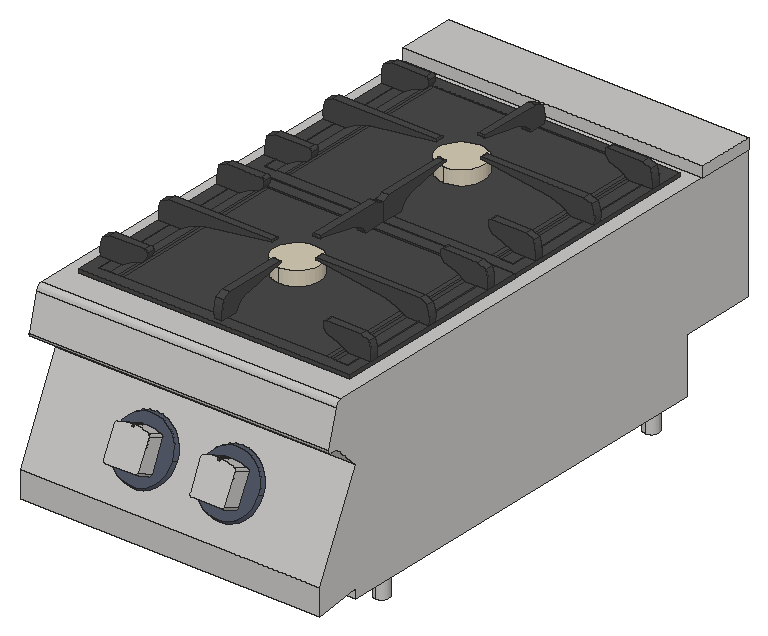
Revit family "QF_ZANUSSI_372000_Z7GCGD2C00", category Specialty Equipment, Revit 2018
Family settings
  Round Connector Dimension = Use Diameter
  Part Type = Normal
  Work Plane-Based = No
  Always vertical = Yes
  Cut with Voids When Loaded = No
  Shared = No
  Room Calculation Point = No
Parameters
  Width = 400 mm  # constant formula
  Weight in Pounds = 44  # constant formula
  Weight = 0.00 kg
  Watts = 0 W
  Volts = 0 V
  URL Manufacturer = "http://www.zanussiprofessional.com"
  URL Cutsheet = "www.electrolux.com"
  URL = "http://www.zanussiprofessional.com"
  Type Mark [instance] = ""
  Steam Supply Size = 0"
  Steam Supply Minimum Pressure = 0.00 psi
  Steam Supply Maximum Pressure = 0.00 psi
  Steam Pounds per Hour = 0
  Status [instance] = ""
  Specification by User [instance] = ""
  Specification by Manufacturer = ""
  Show Logo [instance] = yes
  Show Clearance [instance] = yes
  Serial Number = ""
  Seismic Rating = ""
  SMACNA No = ""
  Revision Code [instance] = ""
  Refrigeration Suction Line Size = 0"
  Refrigeration Liquid Line Size = 0"
  Refrigerant Compressor Remote = yes
  Phase = 0
  Omniclass Number and Title = ""
  NAFEM Spec ID Number = ""
  Model = "Z7GCGD2C00"
  Mechanical Remarks [instance] = ""
  Mechanical Connection Type [instance] = ""
  Masterspec = ""
  Manufacturer = "Zanussi"
  Length Actual = 400 mm  # constant formula
  Item Number [instance] = "372000"
  Installed By [instance] = ""
  Identify Quantity as Lot [instance] = yes
  Hot Water Size = 0"
  Height Actual = 250 mm  # constant formula
  Height = 288.925 mm  # constant formula
  HP = "0 HP"
  Gas Size = 1/2"  # constant formula
  Gas RI Height [instance] = 0 mm
  Gas KW [instance] = 11  # constant formula
  Gas Input [instance] = 37499.0 Btu/h  # constant formula
  Gas Connection Height = 0 mm
  Furnished By [instance] = ""
  Foodservice Equipment Identifier [instance] = yes
  Direct Waste Size = 0"
  Description = "2-BURNER GAS BOILING TOP 400 MM"
  Depth Actual = 700 mm  # constant formula
  Depth = 715 mm  # constant formula
  Cycle = 0 Hz
  Condensate Return Size = 0"
  Compressed Air Volume = 0 GPM
  Compressed Air Size = 0"
  Compressed Air Pressure = 0.00 psi
  Cold Water Size = 0"
  CSI MasterFormat = ""
  CSI Master Format = ""
  Base Height = 24 mm  # constant formula
  Assembly Code = ""
  Accessory = yes
Reference planes
  plane 1 "BACK": y = 0
  plane 2: z = 0
  plane 3 "LEFT": x = 0
  plane 4 "RIGHT": x = 400
  plane 5 "FRONT": y = -715
  plane 6 "TOP": z = 274
  plane 7 "Center Y": x = 200
  plane 8 "Center X": y = -357.5
  plane 9: z = 24
  plane 10: z = 288.925
  plane 11: z = 308
  plane 12 "PANEL": through (-6096, -654.982, 186.002) normal (0, -0.8956, 0.4448)
Forms (mm)
  Extrusion 1, solid, material "QF_Finishes_Stainless Steel"
    sketch origin (0, 0.188, -0.612) x (0, 1, 0) y (0, 0, 1)
      loop
        line (-0.188, 98.613) -> (-0.188, 274.613) -> (-679.546, 274.613)
        arc (-679.546, 274.613) -> (-684.831, 272.423) -> (-687.02, 267.138) r 7.474
        line (-687.02, 267.138) -> (-700.071, 221.623)
        arc (-700.071, 221.623) -> (-699.583, 218.991) -> (-697.188, 217.796) r 3
        line (-697.188, 217.796) -> (-686.989, 217.796) -> (-655.169, 185.977) -> (-715.188, 65.121) -> (-715.188, 30.121) -> (-658.833, 38.041)
        arc (-658.833, 38.041) -> (-656.288, 37.287) -> (-655.188, 34.872) r 3.2
        line (-655.188, 34.872) -> (-655.188, 24.613) -> (-103.188, 24.613) -> (-103.188, 98.613) -> (-0.188, 98.613)
    from 0 to 400
  Extrusion 2, solid, material "QF_Finishes_Stainless Steel"
    sketch origin (0, -16, 0) x (1, 0, 0) y (0, 1, 0)
      loop
        circle (11.112, -132) r 9.525
      loop
        circle (388.888, -132) r 9.525
      loop
        circle (11.112, -582) r 9.525
      loop
        circle (388.888, -582) r 9.525
    from 0 to 24
  Extrusion 3, solid, material "QF_Finishes_Stainless Steel"
    sketch origin (0, 0, 0) x (0, 1, 0) y (0, 0, 1)
      loop
        line (0, 274) -> (0, 288.925) -> (-76.2, 288.925) -> (-76.2, 274) -> (0, 274)
    from 0 to 400
  Extrusion 4, solid, material "QF_Finishes_Clearance", visible <- "Show Clearance", detail levels coarse
    sketch origin (0, 0, 0) x (1, 0, 0) y (0, 1, 0)
      loop
        line (-150, -715) -> (0, -715) -> (0, 0) -> (400, 0) -> (400, -715) -> (550, -715) -> (550, 150) -> (-150, 150) -> (-150, -715)
    from 0 to 308.638
  Blend 5, solid, material "QF_Finishes_Navy Blue"
    base sketch origin (142.525, -684.991, 125.574) x (1, 0, 0) y (0, 0.444781, 0.895639)
      loop
        circle (-0.025, 0) r 42.5
    top sketch origin (142.525, -684.991, 125.574) x (1, 0, 0) y (0, 0.444781, 0.895639)
      loop
        circle (-0.025, 0) r 40.5
    from 0 to 5
  Extrusion 6, solid, material "QF_Finishes_Stainless Steel"
    sketch origin (142.525, -684.991, 125.574) x (1, 0, 0) y (0, 0.444781, 0.895639)
      loop
        arc (-21.172, 22.789) -> (-22.519, 21.685) -> (-23.025, 20.019) r 2.997
        line (-23.025, 20.019) -> (-23.025, -20.019)
        arc (-23.025, -20.019) -> (-22.147, -22.138) -> (-20.028, -23.016) r 2.997
        line (-20.028, -23.016) -> (19.978, -23.016)
        arc (19.978, -23.016) -> (22.097, -22.138) -> (22.975, -20.019) r 2.997
        line (22.975, -20.019) -> (22.975, 20.019)
        arc (22.975, 20.019) -> (22.469, 21.685) -> (21.122, 22.789) r 2.997
        arc (21.122, 22.789) -> (-0.025, 26.984) -> (-21.172, 22.789) r 55.4
    from 10 to 34
  Extrusion 7, solid, material "QF_Plastic-Black-Matte"
    sketch origin (200.025, -684.991, 125.574) x (0, 0.444781, 0.895639) y (0, -0.895639, 0.444781)
      loop
        line (26.984, 34) -> (26.984, 19) -> (27.984, 19) -> (27.984, 34)
        arc (27.984, 34) -> (27.691, 34.707) -> (26.984, 35) r 1
        line (26.984, 35) -> (23.984, 35) -> (23.984, 34) -> (26.984, 34)
    from -58.5 to -56.5
  Extrusion 8, solid, material "QF_Finishes_Stainless Steel"
    sketch origin (142.525, -684.991, 125.574) x (1, 0, 0) y (0, 0.444781, 0.895639)
      loop
        line (17.475, 17.5) -> (-17.525, 17.5) -> (-17.525, -17.5) -> (17.475, -17.5) -> (17.475, 17.5)
    from 5 to 10
  Extrusion 9, solid, material "QF_Plastic-Black-Matte"
    sketch origin (200.025, -684.991, 125.574) x (0, 0.444781, 0.895639) y (0, 0.895639, -0.444781)
      loop
        line (26.984, -34) -> (23.984, -34) -> (23.984, -35) -> (26.984, -35)
        arc (26.984, -35) -> (27.691, -34.707) -> (27.984, -34) r 1
        line (27.984, -34) -> (27.984, -19) -> (26.984, -19) -> (26.984, -34)
    from -58.5 to -56.5
  Extrusion 10, solid, material "QF_Finishes_Stainless Steel"
    sketch origin (257.525, -684.991, 125.574) x (-1, 0, 0) y (0, -0.444781, -0.895639)
      loop
        line (17.525, -17.5) -> (17.525, 17.5) -> (-17.475, 17.5) -> (-17.475, -17.5) -> (17.525, -17.5)
    from 5 to 10
  Blend 11, solid, material "QF_Finishes_Navy Blue"
    base sketch origin (257.525, -684.991, 125.574) x (1, 0, 0) y (0, 0.444781, 0.895639)
      loop
        circle (-0.025, 0) r 42.5
    top sketch origin (257.525, -684.991, 125.574) x (1, 0, 0) y (0, 0.444781, 0.895639)
      loop
        circle (-0.025, 0) r 40.5
    from 0 to 5
  Extrusion 12, solid, material "QF_Finishes_Stainless Steel"
    sketch origin (257.525, -684.991, 125.574) x (-1, 0, 0) y (0, -0.444781, -0.895639)
      loop
        arc (-21.122, -22.789) -> (0.025, -26.984) -> (21.172, -22.789) r 55.4
        arc (21.172, -22.789) -> (22.519, -21.685) -> (23.025, -20.019) r 2.997
        line (23.025, -20.019) -> (23.025, 20.019)
        arc (23.025, 20.019) -> (22.147, 22.138) -> (20.028, 23.016) r 2.997
        line (20.028, 23.016) -> (-19.978, 23.016)
        arc (-19.978, 23.016) -> (-22.097, 22.138) -> (-22.975, 20.019) r 2.997
        line (-22.975, 20.019) -> (-22.975, -20.019)
        arc (-22.975, -20.019) -> (-22.469, -21.685) -> (-21.122, -22.789) r 2.997
    from 10 to 34
  Extrusion 13, solid, material "QF_Finishes_Stainless Steel"
    sketch origin (0, 0, 0) x (1, 0, 0) y (0, 0, 1)
      loop
        circle (347, 57) r 6.35
    from 80.2 to 103.188
Lines and regions (mm)
  Split face 1
    outline origin (142.525, -689.469, 127.797) x (1, 0, 0) y (0, 0.444781, 0.895639)
      loop
        circle (-33, 0) r 3
  Split face 2
    outline origin (263.426, -689.469, 127.797) x (1, 0, 0) y (0, 0.444781, 0.895639)
      loop
        line (-8.901, 38.561) -> (-8.901, 28.561) -> (-2.901, 28.561) -> (-2.901, 38.561) -> (-8.901, 38.561)
  Split face 3
    outline origin (263.426, -689.469, 127.797) x (1, 0, 0) y (0, 0.444781, 0.895639)
      loop
        line (-8.401, 38.061) -> (-8.401, 29.061) -> (-3.401, 29.061) -> (-3.401, 38.061) -> (-8.401, 38.061)
  Split face 4
    outline origin (263.426, -689.469, 127.797) x (1, 0, 0) y (0, 0.444781, 0.895639)
      loop
        line (-8.401, 33.561) -> (-3.401, 33.561)
  Split face 5
    outline origin (263.426, -689.469, 127.797) x (1, 0, 0) y (0, 0.444781, 0.895639)
      loop
        line (-8.401, 33.061) -> (-3.401, 33.061)
  Split face 6
    outline origin (148.426, -689.469, 127.797) x (1, 0, 0) y (0, 0.444781, 0.895639)
      loop
        line (-8.901, 38.561) -> (-8.901, 28.561) -> (-2.901, 28.561) -> (-2.901, 38.561) -> (-8.901, 38.561)
  Split face 7
    outline origin (148.426, -689.469, 127.797) x (1, 0, 0) y (0, 0.444781, 0.895639)
      loop
        line (-8.401, 38.061) -> (-8.401, 29.061) -> (-3.401, 29.061) -> (-3.401, 38.061) -> (-8.401, 38.061)
  Split face 8
    outline origin (148.426, -689.469, 127.797) x (1, 0, 0) y (0, 0.444781, 0.895639)
      loop
        line (-8.401, 34.061) -> (-3.401, 34.061)
  Split face 9
    outline origin (148.426, -689.469, 127.797) x (1, 0, 0) y (0, 0.444781, 0.895639)
      loop
        line (-8.401, 33.561) -> (-3.401, 33.561)
  Split face 10
    outline origin (168.182, -675.159, 156.613) x (-1, 0, 0) y (0, -0.444781, -0.895639)
      loop
        circle (43.456, 61.543) r 1.5
  Split face 11
    outline origin (148.426, -689.469, 127.797) x (1, 0, 0) y (0, 0.444781, 0.895639)
      loop
        circle (-5.901, 31.311) r 2.029
  Split face 12
    outline origin (263.426, -689.469, 127.797) x (1, 0, 0) y (0, 0.444781, 0.895639)
      loop
        circle (-5.901, 35.811) r 2.031
  Split face 13
    outline origin (142.525, -689.469, 127.797) x (1, 0, 0) y (0, 0.444781, 0.895639)
      loop
        circle (-24.487, 26.694) r 3.497
  Split face 14
    outline origin (257.525, -689.469, 127.797) x (1, 0, 0) y (0, 0.444781, 0.895639)
      loop
        circle (-24.487, 26.694) r 3.497
  Split face 15
    outline origin (257.525, -689.469, 127.797) x (1, 0, 0) y (0, 0.444781, 0.895639)
      loop
        circle (-33, 0) r 3
  Split face 16
    outline origin (257.525, -689.469, 127.797) x (1, 0, 0) y (0, 0.444781, 0.895639)
      loop
        circle (-17.8, -29.371) r 1.5
  symbolic lines
    curve 1: line (0, 0, 0) -> (0, -715, 0)
    curve 2: line (400, 0, 0) -> (0, 0, 0)
    curve 3: line (400, -715, 0) -> (400, 0, 0)
    curve 4: line (0, -76.2, 0) -> (400, -76.2, 0)
    curve 5: line (0, -700, 0) -> (400, -700, 0)
    curve 9: line (119.5, -700, 0) -> (119.5, -724.347, 0)
    curve 10: arc (119.5, -724.347, 0) -> (119.646, -724.811, 0) -> (120.032, -725.107, 0) r 0.809
    curve 11: arc (120.032, -725.107, 0) -> (121.22, -725.587, 0) -> (122.497, -725.68, 0) r 4.127
    curve 12: arc (119.5, -704.292, 0) -> (114.459, -702.458, 0) -> (109.691, -700, 0) r 42.24
    curve 13: arc (119.5, -706.539, 0) -> (120.002, -705.818, 0) -> (120.799, -705.448, 0) r 1.682
    curve 14: arc (120.799, -705.448, 0) -> (131.102, -703.95, 0) -> (141.5, -703.441, 0) r 109.079
    curve 15: line (141.5, -700, 0) -> (141.5, -705.671, 0)
    curve 16: line (141.5, -705.671, 0) -> (143.5, -705.671, 0)
    curve 17: line (143.5, -705.671, 0) -> (143.5, -700, 0)
    curve 18: line (165.5, -700, 0) -> (165.5, -724.347, 0)
    curve 19: arc (165.5, -724.347, 0) -> (165.354, -724.811, 0) -> (164.968, -725.107, 0) r 0.809
    curve 20: arc (164.968, -725.107, 0) -> (163.78, -725.587, 0) -> (162.503, -725.68, 0) r 4.127
    curve 21: arc (165.5, -704.292, 0) -> (170.541, -702.458, 0) -> (175.309, -700, 0) r 42.24
    curve 22: arc (165.5, -706.539, 0) -> (164.998, -705.818, 0) -> (164.201, -705.448, 0) r 1.682
    curve 23: arc (164.201, -705.448, 0) -> (153.898, -703.95, 0) -> (143.5, -703.441, 0) r 109.079
    curve 24: line (122.497, -725.68, 0) -> (162.503, -725.68, 0)
    curve 25: line (280.5, -700, 0) -> (280.5, -724.347, 0)
    curve 26: arc (280.5, -724.347, 0) -> (280.354, -724.811, 0) -> (279.968, -725.107, 0) r 0.809
    curve 27: arc (279.968, -725.107, 0) -> (278.78, -725.587, 0) -> (277.503, -725.68, 0) r 4.127
    curve 28: arc (280.5, -704.292, 0) -> (285.541, -702.458, 0) -> (290.309, -700, 0) r 42.24
    curve 29: arc (280.5, -706.539, 0) -> (279.998, -705.818, 0) -> (279.201, -705.448, 0) r 1.682
    curve 30: arc (279.201, -705.448, 0) -> (268.898, -703.95, 0) -> (258.5, -703.441, 0) r 109.079
    curve 31: line (258.5, -700, 0) -> (258.5, -705.671, 0)
    curve 32: line (258.5, -705.671, 0) -> (256.5, -705.671, 0)
    curve 33: line (256.5, -705.671, 0) -> (256.5, -700, 0)
    curve 34: line (234.5, -700, 0) -> (234.5, -724.347, 0)
    curve 35: arc (234.5, -724.347, 0) -> (234.646, -724.811, 0) -> (235.032, -725.107, 0) r 0.809
    curve 36: arc (235.032, -725.107, 0) -> (236.22, -725.587, 0) -> (237.497, -725.68, 0) r 4.127
    curve 37: arc (234.5, -704.292, 0) -> (229.459, -702.458, 0) -> (224.691, -700, 0) r 42.24
    curve 38: arc (234.5, -706.539, 0) -> (235.002, -705.818, 0) -> (235.799, -705.448, 0) r 1.682
    curve 39: arc (235.799, -705.448, 0) -> (246.102, -703.95, 0) -> (256.5, -703.441, 0) r 109.079
    curve 40: line (277.503, -725.68, 0) -> (237.497, -725.68, 0)
    curve 41: line (165.5, -715, 0) -> (234.5, -715, 0)
    curve 42: line (280.5, -715, 0) -> (400, -715, 0)
    curve 43: line (0, -715, 0) -> (119.5, -715, 0)
  symbolic lines, style "QF-Clearances", visible <- "Show Clearance", detail levels coarse
    curve 6: line (-150, -714.879, 0) -> (-150, 150, 0)
    curve 7: line (-150, 150, 0) -> (550, 150, 0)
    curve 8: line (550, 150, 0) -> (550, -714.879, 0)
Dimensions and locks
  equal spacing: plane 3 "LEFT", plane 7 "Center Y", plane 4 "RIGHT"
  "Width": plane 3 "LEFT" to plane 4 "RIGHT"
  equal spacing: plane 5 "FRONT", plane 8 "Center X", plane 1 "BACK"
  "Depth": plane 5 "FRONT" to plane 1 "BACK"
  "Height": plane 10 to level
  plane 6 "TOP" to plane 9 = 250 mm
  "Base Height": plane 9 to level
  plane 11 to plane 6 "TOP" = 34 mm
  plane 1 "BACK" to plane 5 "FRONT" = 715 mm
  plane 6 "TOP" to level = 274 mm
  plane 9 to level = 24 mm
  aligned and locked: level to plane 2
  aligned and locked: plane 4 "RIGHT" to Extrusion 1
  aligned and locked: plane 4 "RIGHT" to Extrusion 3
Automatic sketch dimensions
  Extrusion 3 sketch curve to plane 6 "TOP" = 0 mm
  Extrusion 3 sketch curve to plane 10 = 0 mm
  Extrusion 3 sketch curve to plane 1 "BACK" = 0 mm
  plane 1 "BACK" to Extrusion 3 sketch curve = 76.2 mm
  Extrusion 6 sketch curve to Extrusion 6 sketch curve = 2.997 mm  (x4)
  Extrusion 6 sketch curve to Extrusion 6 sketch curve = 20.003 mm  (x2)
  Extrusion 6 sketch curve to Extrusion 6 sketch curve = 0 mm  (x2)
  Extrusion 7 sketch curve to Extrusion 7 sketch curve = 3 mm
  Extrusion 7 sketch curve to Extrusion 7 sketch curve = 0 mm  (x2)
  Extrusion 7 sketch curve to Extrusion 7 sketch curve = 1 mm
  Extrusion 8 sketch curve to Extrusion 8 sketch curve = 35 mm  (x2)
  Extrusion 9 sketch curve to Extrusion 9 sketch curve = 3 mm
  Extrusion 9 sketch curve to Extrusion 9 sketch curve = 0 mm
  Extrusion 9 sketch curve to Extrusion 9 sketch curve = 1 mm  (x2)
  Extrusion 10 sketch curve to Extrusion 10 sketch curve = 35 mm  (x2)
  Extrusion 12 sketch curve to Extrusion 12 sketch curve = 2.997 mm  (x4)
  Extrusion 12 sketch curve to Extrusion 12 sketch curve = 20.003 mm  (x2)
  Extrusion 12 sketch curve to Extrusion 12 sketch curve = 0 mm  (x2)
  Extrusion 6 sketch curve to Extrusion 6 sketch curve = 5.399 mm
  Extrusion 6 sketch curve to Extrusion 6 sketch curve = 40.037 mm
  Extrusion 7 sketch curve to Extrusion 7 sketch curve = 15 mm
  Extrusion 9 sketch curve to Extrusion 9 sketch curve = 15 mm
  Extrusion 12 sketch curve to Extrusion 12 sketch curve = 5.399 mm
  Extrusion 12 sketch curve to Extrusion 12 sketch curve = 40.037 mm
  Split face 2 sketch curve to Split face 2 sketch curve = 6 mm
  Split face 2 sketch curve to Split face 2 sketch curve = 10 mm
  Split face 3 sketch curve to Split face 3 sketch curve = 5 mm
  Split face 3 sketch curve to Split face 3 sketch curve = 9 mm
  Split face 4 sketch curve to Split face 4 sketch curve = 5 mm
  Split face 5 sketch curve to Split face 5 sketch curve = 5 mm
  Split face 6 sketch curve to Split face 6 sketch curve = 6 mm
  Split face 6 sketch curve to Split face 6 sketch curve = 10 mm
  Split face 7 sketch curve to Split face 7 sketch curve = 5 mm
  Split face 7 sketch curve to Split face 7 sketch curve = 9 mm
  Split face 8 sketch curve to Split face 8 sketch curve = 5 mm
  Split face 9 sketch curve to Split face 9 sketch curve = 5 mm
  Blend 5 sketch curve to plane 7 "Center Y" = 57.5 mm  (x2)
  Extrusion 6 sketch curve to plane 7 "Center Y" = 80.5 mm
  plane 12 "PANEL" to Extrusion 7 sketch curve = 35 mm
  Extrusion 7 sketch curve to plane 5 "FRONT" = 9.329 mm
  Extrusion 8 sketch curve to plane 7 "Center Y" = 75 mm
  plane 12 "PANEL" to Extrusion 9 sketch curve = 35 mm
  Extrusion 9 sketch curve to plane 5 "FRONT" = 9.329 mm
  plane 7 "Center Y" to Extrusion 10 sketch curve = 75 mm
  plane 7 "Center Y" to Blend 11 sketch curve = 57.5 mm  (x2)
  plane 7 "Center Y" to Extrusion 12 sketch curve = 80.5 mm
  Extrusion 2 sketch curve to Extrusion 2 sketch curve = 0 mm  (x8)
  plane 3 "LEFT" to Extrusion 2 sketch curve = 11.112 mm  (x2)
  Extrusion 2 sketch curve to plane 4 "RIGHT" = 11.112 mm  (x2)
  Extrusion 2 sketch curve to plane 5 "FRONT" = 117 mm  (x2)
  plane 1 "BACK" to Extrusion 2 sketch curve = 148 mm  (x2)
  Extrusion 2 sketch curve to Extrusion 2 sketch curve = 9.525 mm  (x4)
  plane 5 "FRONT" to Extrusion 4 sketch curve = 0 mm  (x2)
  Extrusion 4 sketch curve to plane 3 "LEFT" = 0 mm
  plane 1 "BACK" to Extrusion 4 sketch curve = 0 mm
  Extrusion 4 sketch curve to plane 4 "RIGHT" = 0 mm
  Extrusion 4 sketch curve to plane 3 "LEFT" = 150 mm
  plane 4 "RIGHT" to Extrusion 4 sketch curve = 150 mm
  Extrusion 4 sketch curve to plane 1 "BACK" = 150 mm
  Extrusion 13 sketch curve to plane 4 "RIGHT" = 53 mm
  plane 9 to Extrusion 13 sketch curve = 33 mm
  plane 1 "BACK" to curve 2 = 0 mm
  curve 2 to plane 3 "LEFT" = 0 mm
  plane 5 "FRONT" to curve 41 = 0 mm
  plane 5 "FRONT" to curve 42 = 0 mm
  curve 3 to plane 4 "RIGHT" = 0 mm
  plane 5 "FRONT" to curve 1 = 0 mm
  curve 7 to plane 3 "LEFT" = 150 mm
  plane 5 "FRONT" to curve 9 = 9.347 mm
  curve 9 to plane 7 "Center Y" = 80.5 mm
  curve 9 to curve 10 = 0.809 mm
  curve 13 to curve 13 = 1.583 mm
  curve 10 to curve 11 = 1.846 mm
  curve 10 to curve 24 = 2.189 mm
  curve 9 to curve 12 = 11.892 mm
  curve 16 to plane 5 "FRONT" = 9.329 mm
  curve 13 to curve 16 = 20.417 mm
  curve 14 to plane 7 "Center Y" = 58.369 mm
  curve 14 to curve 23 = 1.738 mm
  curve 15 to curve 16 = 2 mm
  curve 12 to curve 21 = 22.215 mm
  curve 16 to curve 24 = 19.003 mm
  curve 24 to curve 20 = 0.343 mm
  curve 20 to curve 22 = 1.071 mm
  curve 24 to curve 19 = 2.189 mm
  curve 19 to curve 18 = 0.809 mm
  plane 5 "FRONT" to curve 34 = 9.347 mm
  plane 7 "Center Y" to curve 34 = 34.5 mm
  curve 35 to curve 35 = 0.809 mm
  curve 38 to curve 38 = 1.583 mm
  curve 35 to curve 36 = 1.846 mm
  curve 35 to curve 40 = 2.189 mm
  curve 34 to curve 37 = 11.892 mm
  curve 32 to plane 5 "FRONT" = 9.329 mm
  curve 38 to curve 32 = 20.417 mm
  plane 7 "Center Y" to curve 39 = 56.631 mm
  curve 39 to curve 30 = 1.738 mm
  curve 32 to curve 32 = 2 mm
  curve 37 to curve 28 = 22.215 mm
  curve 31 to curve 40 = 19.003 mm
  curve 27 to curve 27 = 0.343 mm
  curve 27 to curve 29 = 1.071 mm
  curve 27 to curve 26 = 2.189 mm
  curve 26 to curve 25 = 0.809 mm
  plane 4 "RIGHT" to curve 7 = 150 mm
  curve 24 to curve 10 = 1.333 mm
  plane 5 "FRONT" to curve 40 = 10.68 mm
  curve 39 to curve 36 = 86.839 mm
  curve 14 to curve 24 = 86.839 mm
  curve 39 to curve 30 = 0 mm
  curve 14 to curve 23 = 0 mm
  curve 24 to curve 19 = 1.333 mm
  curve 27 to curve 25 = 1.333 mm
  curve 35 to curve 36 = 2.779 mm
  curve 26 to curve 27 = 2.779 mm
  curve 19 to curve 20 = 2.779 mm
  curve 10 to curve 11 = 2.779 mm
  curve 29 to plane 5 "FRONT" = 7.894 mm
  curve 13 to plane 5 "FRONT" = 7.894 mm
  curve 38 to plane 5 "FRONT" = 7.894 mm
  curve 22 to plane 5 "FRONT" = 7.894 mm
  curve 32 to curve 37 = 41.91 mm
  curve 16 to curve 21 = 41.91 mm
  curve 37 to curve 28 = 0 mm
  curve 12 to curve 21 = 0 mm
  curve 7 to plane 1 "BACK" = 150 mm
  curve 12 to curve 9 = 9.809 mm
  curve 13 to curve 13 = 0.284 mm
  curve 22 to curve 22 = 0.284 mm
  curve 18 to curve 21 = 9.809 mm
  curve 37 to curve 34 = 9.809 mm
  curve 38 to curve 38 = 0.284 mm
  curve 29 to curve 29 = 0.284 mm
  curve 25 to curve 28 = 9.809 mm
  curve 6 to plane 5 "FRONT" = 0.121 mm
  curve 8 to plane 5 "FRONT" = 0.121 mm
  curve 22 to curve 22 = 0.567 mm
  curve 38 to curve 38 = 0.567 mm
  curve 29 to curve 29 = 0.567 mm
  curve 13 to curve 13 = 0.567 mm
  curve 23 to curve 21 = 1.156 mm
  plane 1 "BACK" to curve 4 = 76.2 mm
  plane 9 to Extrusion 1 sketch curve = 5.508 mm
  Extrusion 1 sketch curve to plane 5 "FRONT" = 0 mm
  Extrusion 1 sketch curve to plane 6 "TOP" = 52.989 mm
  Extrusion 1 sketch curve to Extrusion 1 sketch curve = 15.116 mm
  Extrusion 1 sketch curve to Extrusion 1 sketch curve = 2.884 mm
  Extrusion 1 sketch curve to plane 11 = 41.474 mm
  Extrusion 1 sketch curve to Extrusion 1 sketch curve = 13.051 mm
  Extrusion 1 sketch curve to plane 6 "TOP" = 56.816 mm
  Extrusion 1 sketch curve to Extrusion 1 sketch curve = 10.198 mm
  Extrusion 1 sketch curve to plane 11 = 34 mm
  plane 9 to Extrusion 1 sketch curve = 13.428 mm
  Extrusion 1 sketch curve to Extrusion 1 sketch curve = 56.355 mm
  Extrusion 1 sketch curve to Extrusion 1 sketch curve = 0.445 mm
  Extrusion 1 sketch curve to Extrusion 1 sketch curve = 3.2 mm
  Extrusion 1 sketch curve to plane 6 "TOP" = 88.636 mm
  Extrusion 1 sketch curve to Extrusion 1 sketch curve = 31.82 mm
  plane 1 "BACK" to Extrusion 1 sketch curve = 103 mm
  Extrusion 1 sketch curve to plane 1 "BACK" = 0 mm
  plane 9 to Extrusion 1 sketch curve = 0 mm
  Extrusion 1 sketch curve to Extrusion 1 sketch curve = 35 mm
  Extrusion 1 sketch curve to Extrusion 1 sketch curve = 74 mm
  radius of Blend 5 sketch curve = 42.5 mm
  radius of Blend 5 sketch curve = 40.5 mm
  radius of Blend 11 sketch curve = 42.5 mm
  radius of Blend 11 sketch curve = 40.5 mm
  radius of Split face 1 sketch curve = 3 mm
  radius of Split face 10 sketch curve = 1.5 mm
  radius of Split face 11 sketch curve = 2.029 mm
  radius of Split face 12 sketch curve = 2.031 mm
  radius of Split face 13 sketch curve = 3.497 mm
  radius of Split face 14 sketch curve = 3.497 mm
  radius of Split face 15 sketch curve = 3 mm
  radius of Split face 16 sketch curve = 1.5 mm
  radius of Extrusion 13 sketch curve = 6.35 mm
Nested families
  nested 1: "QF_372000_BURNER" at (12.525, 1.3, -576.213), type "QF_372000_BURNER"
    with Type Mark "", Status "", Specification by User "", Revision Code "", Item Number "", Installed By "", Identify Quantity as Lot yes, Furnished By "", Foodservice Equipment Identifier yes
  nested 2: "QF_372000_BURNER" at (12.525, -732.815, -576.213), type "QF_372000_BURNER"
    with Type Mark "", Status "", Specification by User "", Revision Code "", Item Number "", Installed By "", Identify Quantity as Lot yes, Furnished By "", Foodservice Equipment Identifier yes
Connectors
  piping at (347, -80.2, 57), diameter 12.7, driven by "Gas Size"
    settings: on Extrusion 13, index 1, connector inside diameter 24", connector length 0 mm, flow factor 0, pipe flow 0 GPM, pressure drop 0.00 psi, fitting loss kfactor 0, connector angle 0.00°, fixture units 0, engagement length 0 mm, angle of deflection 0.00°, flow configuration 1, flow direction 1, fitting loss method 0, system type 7, joint type 0, gender type 0, connector reference index -1, connector utility 0, adjustable connector no, is connector primary yes, connector description "Gas Connection"
Definition of nested family "QF_372000_BURNER"
  Parameters
    Weight in Pounds = 0
    URL Cutsheet = ""
    URL = "www.electrolux.com"
    Type Mark [instance] = ""
    Status [instance] = ""
    Specification by User [instance] = ""
    Specification by Manufacturer = ""
    Serial Number = ""
    Seismic Rating = ""
    SMACNA No = ""
    Revision Code [instance] = ""
    Omniclass Number and Title = ""
    NAFEM Spec ID Number = ""
    Model = "371009"
    Masterspec = ""
    Manufacturer = "ELECTROLUX"
    Item Number [instance] = ""
    Installed By [instance] = ""
    Identify Quantity as Lot [instance] = yes
    Furnished By [instance] = ""
    Foodservice Equipment Identifier [instance] = yes
    Description = ""
    CSI MasterFormat = ""
    CSI Master Format = ""
  Reference planes
    plane 1 "BACK": y = 0
    plane 2: z = 0
    plane 3 "LEFT": x = 0
    plane 4 "RIGHT": x = 800
    plane 5 "FRONT": y = -700
    plane 6 "TOP": z = 908.85
    plane 7 "Center Y": x = 400
    plane 8 "Center X": y = -350
    plane 9 "Base": z = 150
    plane 10: z = 850.85
  Forms (mm)
    Extrusion 1, solid
      sketch origin (0, -734.127, 5) x (1, 0, 0) y (0, 0, -1)
        loop
          arc (7.142, -850.85) -> (6.739, -862.989) -> (9.761, -874.752) r 42.809
          line (9.761, -874.752) -> (19.961, -879.425) -> (157.339, -879.425)
          arc (157.339, -879.425) -> (158.533, -878.312) -> (157.506, -877.043) r 1.197
          line (157.506, -877.043) -> (64.848, -864.021)
          arc (64.848, -864.021) -> (50.111, -858.738) -> (36.589, -850.85) r 85.245
          line (36.589, -850.85) -> (7.142, -850.85)
        loop
          line (367.858, -850.85) -> (338.411, -850.85)
          arc (338.411, -850.85) -> (324.889, -858.738) -> (310.152, -864.021) r 85.245
          line (310.152, -864.021) -> (217.494, -877.043)
          arc (217.494, -877.043) -> (216.467, -878.312) -> (217.661, -879.425) r 1.197
          line (217.661, -879.425) -> (355.039, -879.425) -> (365.239, -874.752)
          arc (365.239, -874.752) -> (368.261, -862.989) -> (367.858, -850.85) r 42.809
      from 224.564 to 234.564
    Extrusion 2, solid
      sketch origin (0, -734.127, 5) x (1, 0, 0) y (0, 0, -1)
        loop
          arc (7.056, -850.85) -> (6.705, -862.948) -> (9.748, -874.663) r 42.876
          line (9.748, -874.663) -> (19.961, -879.425) -> (65.851, -879.425)
          arc (65.851, -879.425) -> (68.577, -878.352) -> (69.841, -875.709) r 4
          arc (69.841, -875.709) -> (68.75, -869.25) -> (64.816, -864.012) r 13.87
          arc (64.816, -864.012) -> (50.096, -858.731) -> (36.589, -850.85) r 85.245
          line (36.589, -850.85) -> (7.056, -850.85)
        loop
          line (367.944, -850.85) -> (338.411, -850.85)
          arc (338.411, -850.85) -> (324.904, -858.731) -> (310.184, -864.012) r 85.245
          arc (310.184, -864.012) -> (306.25, -869.25) -> (305.159, -875.709) r 13.87
          arc (305.159, -875.709) -> (306.423, -878.352) -> (309.149, -879.425) r 4
          line (309.149, -879.425) -> (355.039, -879.425) -> (365.252, -874.663)
          arc (365.252, -874.663) -> (368.295, -862.948) -> (367.944, -850.85) r 42.876
      from 127.064 to 137.064
    Extrusion 3, solid
      sketch origin (0, -275, 5) x (1, 0, 0) y (0, 0, 1)
        loop
          arc (64.816, 864.012) -> (68.75, 869.25) -> (69.841, 875.709) r 13.87
          arc (69.841, 875.709) -> (68.577, 878.352) -> (65.851, 879.425) r 4
          line (65.851, 879.425) -> (19.961, 879.425) -> (9.748, 874.663)
          arc (9.748, 874.663) -> (6.705, 862.948) -> (7.056, 850.85) r 42.876
          line (7.056, 850.85) -> (36.589, 850.85)
          arc (36.589, 850.85) -> (50.096, 858.731) -> (64.816, 864.012) r 85.245
        loop
          arc (310.184, 864.012) -> (324.904, 858.731) -> (338.411, 850.85) r 85.245
          line (338.411, 850.85) -> (367.944, 850.85)
          arc (367.944, 850.85) -> (368.295, 862.948) -> (365.252, 874.663) r 42.876
          line (365.252, 874.663) -> (355.039, 879.425) -> (309.149, 879.425)
          arc (309.149, 879.425) -> (306.423, 878.352) -> (305.159, 875.709) r 4
          arc (305.159, 875.709) -> (306.25, 869.25) -> (310.184, 864.012) r 13.87
      from 127.064 to 137.064
    Extrusion 4, solid
      sketch origin (454.964, -29.48, 5) x (0, -1, 0) y (0, 0, 1)
        loop
          arc (366.649, 850.85) -> (375.927, 861.743) -> (389.337, 866.736) r 28.426
          line (389.337, 866.736) -> (441.256, 877.043)
          arc (441.256, 877.043) -> (442.283, 878.312) -> (441.089, 879.425) r 1.197
          line (441.089, 879.425) -> (347.797, 879.425)
          arc (347.797, 879.425) -> (343.211, 875.934) -> (337.583, 874.694) r 13.39
          line (337.583, 874.694) -> (337.583, 850.85) -> (366.649, 850.85)
        loop
          arc (606.236, 850.85) -> (606.587, 862.948) -> (603.543, 874.663) r 42.876
          line (603.543, 874.663) -> (593.33, 879.425) -> (509.077, 879.425)
          arc (509.077, 879.425) -> (507.883, 878.312) -> (508.911, 877.043) r 1.197
          line (508.911, 877.043) -> (560.83, 866.736)
          arc (560.83, 866.736) -> (574.239, 861.743) -> (583.518, 850.85) r 28.426
          line (583.518, 850.85) -> (606.236, 850.85)
      from 262.464 to 272.464
    Extrusion 5, solid
      sketch origin (0, 0, 850.85) x (0, -1, 0) y (1, 0, 0)
        loop
          line (642.216, 6.433) -> (642.216, 368.567) -> (367.857, 368.567) -> (367.857, 6.433) -> (642.216, 6.433)
        loop
          line (382.857, 21.433) -> (627.216, 21.433) -> (627.216, 353.567) -> (382.857, 353.567) -> (382.857, 21.433)
      from 0 to 5
    Extrusion 6, solid
      sketch origin (-12.5, 0, 855.85) x (0, -1, 0) y (1, 0, 0)
        loop
          circle (504.356, 200) r 30
      from -1.321 to 17.134
    Extrusion 7, solid
      sketch origin (0, -734.127, 0) x (1, 0, 0) y (0, 0, -1)
        loop
          line (21.433, -855.85) -> (36.589, -855.85)
          arc (36.589, -855.85) -> (40.561, -855.243) -> (44.305, -853.783) r 18.259
          arc (44.305, -853.783) -> (45.997, -853.366) -> (47.69, -853.783) r 3.649
          arc (47.69, -853.783) -> (49.901, -854.522) -> (52.232, -854.529) r 7.328
          line (52.232, -854.529) -> (322.768, -854.529)
          arc (322.768, -854.529) -> (325.099, -854.522) -> (327.31, -853.783) r 7.328
          arc (327.31, -853.783) -> (329.003, -853.366) -> (330.695, -853.783) r 3.649
          arc (330.695, -853.783) -> (334.439, -855.243) -> (338.411, -855.85) r 18.259
          line (338.411, -855.85) -> (353.567, -855.85) -> (353.567, -850.85) -> (21.433, -850.85) -> (21.433, -855.85)
      from 106.911 to 351.27
  Lines and regions (mm)
    symbolic lines
      curve 1: line (6.433, -642.216, 150) -> (368.567, -642.216, 150)
      curve 2: line (6.433, -367.857, 150) -> (6.433, -642.216, 150)
      curve 3: line (368.567, -367.857, 150) -> (192.5, -367.857, 150)
      curve 4: line (368.567, -642.216, 150) -> (368.567, -367.857, 150)
      curve 5: line (353.567, -382.857, 150) -> (192.5, -382.857, 150)
      curve 6: line (353.567, -627.216, 150) -> (353.567, -607.064, 150)
      curve 7: line (21.433, -627.216, 150) -> (182.5, -627.216, 150)
      curve 8: line (21.433, -382.857, 150) -> (21.433, -402.064, 150)
      curve 9: line (52.232, -627.216, 150) -> (52.232, -607.064, 150)
      curve 10: line (322.567, -382.857, 150) -> (322.567, -402.064, 150)
      curve 11: line (148.125, -499.564, 150) -> (148.125, -382.857, 150)
      curve 12: line (154.375, -382.857, 150) -> (154.375, -499.564, 150)
      curve 13: arc (148.297, -509.564, 150) -> (159.191, -533.254, 150) -> (182.5, -544.942, 150) r 39.375
      curve 14: arc (220.42, -509.564, 150) -> (211.39, -528.832, 150) -> (192.5, -538.631, 150) r 33.125
      curve 15: line (220.625, -382.857, 150) -> (220.625, -499.564, 150)
      curve 16: line (226.875, -499.564, 150) -> (226.875, -382.857, 150)
      curve 17: line (192.5, -636.339, 150) -> (192.5, -535.619, 150)
      curve 18: arc (182.657, -474.75, 150) -> (166.195, -483.236, 150) -> (157.853, -499.771, 150) r 30
      curve 19: arc (192.224, -533.982, 150) -> (208.621, -525.661, 150) -> (217.084, -509.337, 150) r 30
      curve 20: line (368.567, -597.064, 150) -> (305.159, -597.064, 150)
      curve 21: line (6.433, -607.064, 150) -> (69.841, -607.064, 150)
      curve 22: line (6.433, -509.564, 150) -> (156.429, -509.564, 150)
      curve 23: line (368.567, -499.564, 150) -> (218.571, -499.564, 150)
      curve 24: line (6.433, -412.064, 150) -> (69.841, -412.064, 150)
      curve 25: line (368.567, -402.064, 150) -> (305.159, -402.064, 150)
      curve 26: line (69.841, -597.064, 150) -> (6.433, -597.064, 150)
      curve 27: line (305.159, -607.064, 150) -> (368.567, -607.064, 150)
      curve 28: line (69.841, -402.064, 150) -> (6.433, -402.064, 150)
      curve 29: line (305.159, -412.064, 150) -> (368.567, -412.064, 150)
      curve 30: arc (69.841, -597.064, 150) -> (74.841, -602.064, 150) -> (69.841, -607.064, 150) r 5
      curve 31: arc (305.159, -607.064, 150) -> (300.159, -602.064, 150) -> (305.159, -597.064, 150) r 5
      curve 32: arc (69.841, -402.064, 150) -> (74.841, -407.064, 150) -> (69.841, -412.064, 150) r 5
      curve 33: arc (305.159, -412.064, 150) -> (300.159, -407.064, 150) -> (305.159, -402.064, 150) r 5
      curve 34: line (21.433, -412.064, 150) -> (21.433, -499.564, 150)
      curve 35: line (52.232, -402.064, 150) -> (52.232, -382.857, 150)
      curve 36: line (21.433, -509.564, 150) -> (21.433, -597.064, 150)
      curve 37: line (52.232, -499.564, 150) -> (52.232, -412.064, 150)
      curve 38: line (52.232, -597.064, 150) -> (52.232, -509.564, 150)
      curve 39: line (21.433, -607.064, 150) -> (21.433, -627.216, 150)
      curve 40: line (322.567, -607.064, 150) -> (322.567, -627.216, 150)
      curve 41: line (353.567, -597.064, 150) -> (353.567, -509.564, 150)
      curve 42: line (322.567, -509.564, 150) -> (322.567, -597.064, 150)
      curve 43: line (353.567, -499.564, 150) -> (353.567, -412.064, 150)
      curve 44: line (353.567, -402.064, 150) -> (353.567, -382.857, 150)
      curve 45: line (322.567, -412.064, 150) -> (322.567, -499.564, 150)
      curve 46: line (156.429, -499.564, 150) -> (6.433, -499.564, 150)
      curve 47: line (218.571, -509.564, 150) -> (368.567, -509.564, 150)
      curve 48: arc (218.571, -499.564, 150) -> (213.571, -504.564, 150) -> (218.571, -509.564, 150) r 5
      curve 49: arc (156.429, -499.564, 150) -> (161.429, -504.564, 150) -> (156.429, -509.564, 150) r 5
      curve 50: arc (157.916, -509.337, 150) -> (166.379, -525.661, 150) -> (182.776, -533.982, 150) r 30
      curve 51: arc (217.147, -499.771, 150) -> (208.805, -483.236, 150) -> (192.343, -474.75, 150) r 30
      curve 52: line (182.5, -535.619, 150) -> (182.5, -636.339, 150)
      curve 53: line (192.5, -473.508, 150) -> (192.5, -367.064, 150)
      curve 54: arc (192.5, -535.619, 150) -> (187.5, -530.619, 150) -> (182.5, -535.619, 150) r 5
      curve 55: arc (192.5, -473.508, 150) -> (187.5, -478.508, 150) -> (182.5, -473.508, 150) r 5
      curve 56: line (182.5, -367.857, 150) -> (6.433, -367.857, 150)
      curve 57: line (182.5, -382.857, 150) -> (21.433, -382.857, 150)
      curve 58: arc (192.5, -404.571, 150) -> (196.398, -417.071, 150) -> (192.5, -429.571, 150) r 21.993
      curve 59: arc (196.181, -420.148, 150) -> (199.482, -417.071, 150) -> (196.181, -413.995, 150) r 3.084
      curve 60: arc (182.5, -404.571, 150) -> (178.602, -417.071, 150) -> (182.5, -429.571, 150) r 21.993
      curve 61: arc (178.819, -420.148, 150) -> (175.518, -417.071, 150) -> (178.819, -413.995, 150) r 3.084
      curve 62: line (182.5, -367.064, 150) -> (182.5, -473.508, 150)
      curve 63: arc (182.5, -538.631, 150) -> (163.61, -528.832, 150) -> (154.58, -509.564, 150) r 33.125
      curve 64: arc (192.5, -544.942, 150) -> (215.809, -533.254, 150) -> (226.703, -509.564, 150) r 39.375
      curve 65: line (182.5, -636.339, 150) -> (192.5, -636.339, 150)
      curve 66: line (182.5, -377.277, 150) -> (192.5, -377.277, 150)
      curve 67: line (182.5, -367.064, 150) -> (192.5, -367.064, 150)
      curve 68: line (192.5, -627.216, 150) -> (353.567, -627.216, 150)
  Dimensions and locks
    equal spacing: plane 3 "LEFT", plane 7 "Center Y", plane 4 "RIGHT"
    plane 3 "LEFT" to plane 4 "RIGHT" = 800 mm
    equal spacing: plane 5 "FRONT", plane 8 "Center X", plane 1 "BACK"
    plane 5 "FRONT" to plane 1 "BACK" = 700 mm
    plane 6 "TOP" to level = 908.85 mm
    plane 9 "Base" to level = 150 mm
    plane 6 "TOP" to plane 10 = 58 mm  (x2)
    aligned and locked: level to plane 2
  Automatic sketch dimensions
    Extrusion 5 sketch curve to Extrusion 5 sketch curve = 15 mm  (x2)
    Extrusion 5 sketch curve to Extrusion 5 sketch curve = 332.134 mm
    plane 3 "LEFT" to Extrusion 2 sketch curve = 7.056 mm
    plane 3 "LEFT" to Extrusion 2 sketch curve = 9.748 mm
    Extrusion 2 sketch curve to Extrusion 2 sketch curve = 10.213 mm  (x2)
    plane 10 to Extrusion 2 sketch curve = 5 mm  (x2)
    Extrusion 2 sketch curve to Extrusion 2 sketch curve = 29.533 mm
    Extrusion 2 sketch curve to Extrusion 2 sketch curve = 12.72 mm  (x2)
    Extrusion 2 sketch curve to Extrusion 2 sketch curve = 6.697 mm
    Extrusion 2 sketch curve to Extrusion 2 sketch curve = 8.81 mm
    Extrusion 2 sketch curve to Extrusion 2 sketch curve = 9.845 mm  (x2)
    Extrusion 2 sketch curve to Extrusion 2 sketch curve = 3.99 mm  (x2)
    Extrusion 2 sketch curve to Extrusion 2 sketch curve = 0 mm  (x2)
    Extrusion 2 sketch curve to Extrusion 2 sketch curve = 36.813 mm
    Extrusion 2 sketch curve to plane 7 "Center Y" = 111.122 mm
    Extrusion 2 sketch curve to plane 6 "TOP" = 28.141 mm
    Extrusion 2 sketch curve to plane 7 "Center Y" = 94.841 mm
    Extrusion 2 sketch curve to Extrusion 2 sketch curve = 1.035 mm
    Extrusion 2 sketch curve to Extrusion 2 sketch curve = 15.507 mm
    Extrusion 2 sketch curve to Extrusion 2 sketch curve = 16.628 mm
    Extrusion 2 sketch curve to Extrusion 2 sketch curve = 2.692 mm
    Extrusion 2 sketch curve to plane 6 "TOP" = 24.425 mm
    Extrusion 2 sketch curve to Extrusion 2 sketch curve = 28.575 mm
    Extrusion 2 sketch curve to Extrusion 2 sketch curve = 3.716 mm
    Extrusion 2 sketch curve to Extrusion 2 sketch curve = 4.763 mm  (x2)
    plane 3 "LEFT" to Extrusion 1 sketch curve = 7.142 mm
    plane 3 "LEFT" to Extrusion 1 sketch curve = 9.761 mm
    Extrusion 1 sketch curve to Extrusion 1 sketch curve = 10.201 mm  (x2)
    plane 10 to Extrusion 1 sketch curve = 5 mm  (x2)
    Extrusion 1 sketch curve to Extrusion 1 sketch curve = 29.447 mm
    Extrusion 1 sketch curve to Extrusion 1 sketch curve = 12.704 mm  (x2)
    Extrusion 1 sketch curve to Extrusion 1 sketch curve = 15.555 mm  (x2)
    Extrusion 1 sketch curve to Extrusion 1 sketch curve = 36.829 mm
    Extrusion 1 sketch curve to plane 6 "TOP" = 24.425 mm  (x2)
    Extrusion 1 sketch curve to Extrusion 1 sketch curve = 92.491 mm
    Extrusion 1 sketch curve to plane 6 "TOP" = 26.807 mm  (x2)
    Extrusion 1 sketch curve to Extrusion 1 sketch curve = 0.167 mm  (x2)
    Extrusion 1 sketch curve to Extrusion 1 sketch curve = 59.988 mm
    Extrusion 1 sketch curve to plane 7 "Center Y" = 111.122 mm
    plane 10 to Extrusion 1 sketch curve = 18.171 mm
    Extrusion 1 sketch curve to Extrusion 1 sketch curve = 21.274 mm
    Extrusion 1 sketch curve to Extrusion 1 sketch curve = 16.628 mm
    Extrusion 1 sketch curve to Extrusion 1 sketch curve = 2.618 mm
    Extrusion 1 sketch curve to Extrusion 1 sketch curve = 4.673 mm  (x2)
    Extrusion 1 sketch curve to Extrusion 1 sketch curve = 5.694 mm
    plane 3 "LEFT" to Extrusion 3 sketch curve = 7.056 mm
    plane 3 "LEFT" to Extrusion 3 sketch curve = 9.748 mm
    Extrusion 3 sketch curve to Extrusion 3 sketch curve = 10.213 mm  (x2)
    plane 10 to Extrusion 3 sketch curve = 5 mm  (x2)
    Extrusion 3 sketch curve to Extrusion 3 sketch curve = 29.533 mm
    Extrusion 3 sketch curve to Extrusion 3 sketch curve = 12.72 mm  (x2)
    Extrusion 3 sketch curve to Extrusion 3 sketch curve = 6.697 mm
    Extrusion 3 sketch curve to Extrusion 3 sketch curve = 8.81 mm
    Extrusion 3 sketch curve to Extrusion 3 sketch curve = 9.845 mm  (x2)
    Extrusion 3 sketch curve to Extrusion 3 sketch curve = 3.99 mm  (x2)
    Extrusion 3 sketch curve to Extrusion 3 sketch curve = 0 mm  (x2)
    Extrusion 3 sketch curve to Extrusion 3 sketch curve = 36.813 mm
    Extrusion 3 sketch curve to plane 7 "Center Y" = 111.122 mm
    Extrusion 3 sketch curve to plane 6 "TOP" = 28.141 mm
    Extrusion 3 sketch curve to plane 7 "Center Y" = 94.841 mm
    Extrusion 3 sketch curve to Extrusion 3 sketch curve = 1.035 mm
    Extrusion 3 sketch curve to Extrusion 3 sketch curve = 15.507 mm
    Extrusion 3 sketch curve to Extrusion 3 sketch curve = 16.628 mm
    Extrusion 3 sketch curve to Extrusion 3 sketch curve = 2.692 mm
    Extrusion 3 sketch curve to plane 10 = 64.377 mm  (x2)
    plane 10 to Extrusion 3 sketch curve = 12.281 mm  (x2)
    Extrusion 3 sketch curve to Extrusion 3 sketch curve = 10.713 mm
    Extrusion 5 to Extrusion 6 sketch curve = 121.499 mm
    Extrusion 5 to Extrusion 6 sketch curve = 166.067 mm
    plane 3 "LEFT" to Extrusion 5 sketch curve = 21.433 mm
    Extrusion 5 sketch curve to plane 5 "FRONT" = 72.784 mm
    plane 3 "LEFT" to Extrusion 7 sketch curve = 21.433 mm
    Extrusion 7 sketch curve to Extrusion 7 sketch curve = 14.402 mm
    plane 10 to Extrusion 7 sketch curve = 5 mm
    plane 10 to Extrusion 7 sketch curve = 2.933 mm  (x4)
    Extrusion 7 sketch curve to Extrusion 7 sketch curve = 7.716 mm  (x2)
    Extrusion 7 sketch curve to Extrusion 7 sketch curve = 0 mm  (x2)
    Extrusion 7 sketch curve to Extrusion 7 sketch curve = 1.692 mm  (x2)
    Extrusion 7 sketch curve to Extrusion 7 sketch curve = 3.385 mm  (x2)
    Extrusion 7 sketch curve to plane 10 = 3.559 mm  (x2)
    Extrusion 7 sketch curve to Extrusion 7 sketch curve = 302.478 mm
    Extrusion 7 sketch curve to Extrusion 7 sketch curve = 15.253 mm
    Extrusion 7 sketch curve to Extrusion 7 sketch curve = 15.156 mm  (x2)
    Extrusion 7 sketch curve to Extrusion 7 sketch curve = 3.233 mm
    Extrusion 7 sketch curve to plane 10 = 0 mm
    Extrusion 7 sketch curve to plane 7 "Center Y" = 77.232 mm
    Extrusion 5 sketch curve to plane 8 "Center X" = 32.857 mm
    plane 3 "LEFT" to Extrusion 5 sketch curve = 6.433 mm
    plane 1 "BACK" to Extrusion 5 sketch curve = 367.857 mm
    plane 10 to Extrusion 4 sketch curve = 5 mm  (x2)
    Extrusion 4 sketch curve to Extrusion 4 sketch curve = 29.066 mm
    Extrusion 4 sketch curve to Extrusion 4 sketch curve = 22.688 mm
    Extrusion 4 sketch curve to plane 10 = 7.392 mm  (x2)
    Extrusion 4 sketch curve to Extrusion 4 sketch curve = 25.583 mm
    Extrusion 4 sketch curve to plane 6 "TOP" = 24.425 mm  (x2)
    Extrusion 4 sketch curve to Extrusion 4 sketch curve = 51.752 mm
    Extrusion 4 sketch curve to Extrusion 4 sketch curve = 0.167 mm  (x2)
    Extrusion 4 sketch curve to plane 6 "TOP" = 26.807 mm
    Extrusion 4 sketch curve to Extrusion 4 sketch curve = 67.655 mm
    Extrusion 4 sketch curve to Extrusion 4 sketch curve = 49.024 mm
    Extrusion 4 sketch curve to Extrusion 4 sketch curve = 2.895 mm
    Extrusion 4 sketch curve to Extrusion 4 sketch curve = 3.153 mm
    Extrusion 4 sketch curve to Extrusion 4 sketch curve = 19.535 mm
    Extrusion 4 sketch curve to Extrusion 4 sketch curve = 9.813 mm
    Extrusion 4 sketch curve to Extrusion 4 sketch curve = 10.213 mm
    Extrusion 4 sketch curve to Extrusion 4 sketch curve = 22.718 mm
    Extrusion 4 sketch curve to Extrusion 4 sketch curve = 8.605 mm
    Extrusion 4 sketch curve to Extrusion 4 sketch curve = 4.731 mm
    Extrusion 4 sketch curve to Extrusion 4 sketch curve = 2.382 mm
    Extrusion 4 sketch curve to Extrusion 4 sketch curve = 8.658 mm
    Extrusion 4 sketch curve to plane 8 "Center X" = 17.064 mm
    curve 13 to curve 14 = 0 mm  (x2)
    curve 13 to curve 63 = 0 mm  (x2)
    curve 13 to curve 64 = 0 mm  (x2)
    curve 18 to curve 19 = 0 mm  (x2)
    curve 18 to curve 50 = 0 mm  (x2)
    curve 18 to curve 51 = 0 mm  (x2)
    curve 25 to plane 7 "Center Y" = 31.433 mm
    curve 3 to curve 44 = 15 mm
    curve 43 to curve 44 = 0 mm
    curve 1 to curve 68 = 15 mm
    curve 41 to curve 43 = 0 mm
    curve 6 to curve 40 = 31 mm
    curve 41 to curve 42 = 31 mm
    curve 43 to curve 45 = 31 mm
    curve 10 to curve 45 = 0 mm
    curve 40 to curve 27 = 17.408 mm
    curve 45 to curve 29 = 17.408 mm
    curve 16 to curve 64 = 0.172 mm
    curve 16 to curve 15 = 6.25 mm
    curve 64 to curve 14 = 6.283 mm
    curve 15 to curve 23 = 2.054 mm
    curve 23 to curve 51 = 1.424 mm
    curve 47 to curve 19 = 1.487 mm
    curve 15 to curve 60 = 20.029 mm
    curve 60 to curve 59 = 4.198 mm
    curve 59 to curve 59 = 0.216 mm  (x2)
    curve 19 to curve 64 = 24.584 mm
    curve 55 to curve 51 = 0.157 mm
    curve 54 to curve 19 = 0.276 mm
    curve 19 to curve 64 = 4.724 mm
    curve 18 to curve 13 = 0 mm
    curve 54 to curve 54 = 5 mm
    curve 50 to curve 54 = 0.276 mm
    curve 18 to curve 55 = 0.157 mm
    curve 60 to curve 61 = 3.681 mm
    curve 61 to curve 61 = 0 mm
    curve 61 to curve 61 = 0.216 mm
    curve 61 to curve 58 = 4.198 mm
    curve 13 to curve 50 = 29.584 mm
    curve 50 to curve 18 = 0.064 mm
    curve 50 to curve 22 = 1.487 mm
    curve 22 to curve 63 = 1.849 mm
    curve 49 to curve 12 = 2.054 mm
    curve 63 to curve 13 = 6.283 mm
    curve 12 to curve 11 = 6.25 mm
    plane 3 "LEFT" to curve 30 = 69.841 mm
    plane 3 "LEFT" to curve 28 = 69.841 mm
    plane 3 "LEFT" to curve 38 = 52.232 mm
    curve 24 to curve 37 = 17.609 mm
    curve 9 to curve 38 = 0 mm
    curve 28 to curve 35 = 17.609 mm
    plane 3 "LEFT" to curve 39 = 21.433 mm
    plane 3 "LEFT" to curve 8 = 21.433 mm
    curve 34 to curve 8 = 0 mm
    curve 36 to curve 34 = 0 mm
    plane 3 "LEFT" to curve 21 = 6.433 mm
    curve 67 to curve 56 = 0.794 mm
    curve 67 to curve 3 = 0.794 mm
    curve 56 to curve 66 = 9.419 mm
    curve 10 to curve 33 = 19.206 mm
    curve 8 to curve 8 = 19.206 mm
    curve 57 to curve 60 = 21.714 mm
    curve 60 to curve 58 = 0 mm
    curve 28 to curve 32 = 5 mm
    curve 33 to curve 33 = 5 mm
    curve 58 to curve 59 = 9.423 mm
    curve 61 to curve 58 = 3.077 mm
    curve 60 to curve 62 = 43.937 mm
    curve 51 to curve 15 = 24.814 mm
    curve 23 to curve 51 = 0.207 mm
    curve 18 to curve 13 = 1.529 mm
    curve 38 to curve 38 = 87.5 mm
    curve 42 to curve 31 = 87.5 mm
    curve 26 to curve 30 = 5 mm
    curve 31 to curve 31 = 5 mm
    curve 9 to curve 9 = 20.152 mm
    curve 65 to plane 5 "FRONT" = 63.661 mm
    curve 6 to curve 4 = 15 mm
    curve 55 to curve 55 = 5 mm
    curve 53 to curve 18 = 5 mm
    curve 45 to curve 16 = 95.692 mm
    curve 2 to curve 57 = 15 mm
    curve 10 to plane 8 "Center X" = 32.857 mm
    curve 57 to plane 8 "Center X" = 32.857 mm
    curve 6 to curve 68 = 20.152 mm
    radius of Extrusion 6 sketch curve = 30 mm
